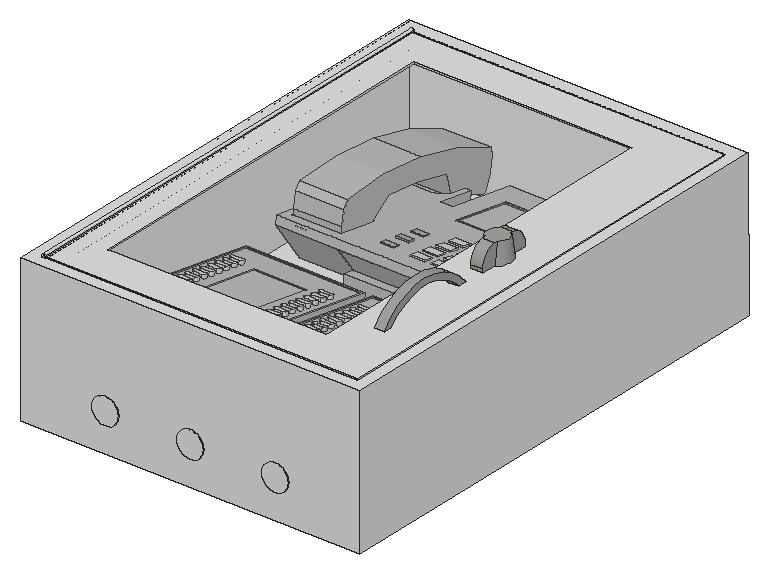
Revit family "Electronics_Communication_Talkaphone_AOR-80-Station-IP-Command-Unit", category Telephone Devices, host Face, Revit 2020
Family settings
  Host = Face
  Maintain Annotation Orientation = No
  Round Connector Dimension = Use Diameter
  Part Type = Normal
  OmniClass Number = 23.37.27.17
  OmniClass Title = Emergency Call Equipment
  Cut with Voids When Loaded = No
  Shared = No
  Room Calculation Point = No
Parameters (values of type "80-Station IP Command Unit")
  Wiring = "Minimum Cat5e. If required, fire resistive CI/CIC Ethernet cable is supported."
  Width = 14"  # constant formula
  Warranty = "5-year limited warranty"
  Voltage = 120 V  # constant formula
  Visible Door [instance] = yes
  URL = "https://www.talkaphone.com/"
  Supervision Relay = "IP Supervisor (Model AOR-IP-SUP) provides an SPST (Form 1A) output. UPS Supervisor (Model AOR-IP-UPS-SUP) provides a DPDT (Form C) output."
  Programming = "Programming and configuration through a web browser (web GUI). All programming is stored on non-volatile flash memory."
  Product data url = "https://www.bimobject.com/talkaphone/product/aor-ip-80-cu_area-of-rescue-80-station-ip-command-unit"
  Product Material = Talkaphone - Steel - White
  Product Guid = "284fec9d-690e-40ad-ac69-10fec9002c98"
  Power Source = "120VAC, 65W. IP Command Unit, IP Supervisor, and UPS Supervisor receive power from external UPS (120VAC)."
  Power Factor = 1
  Number of Poles = 1
  Mounting = "Flush mount with optional trim ring or surface mount"
  Model = "AOR-IP-80-CU"
  Manufacturer = "Talkaphone"  # constant formula
  Keynote = "27 30 00"
  Height = 20"  # constant formula
  Fault Monitoring = "IP Supervisor (Model AOR-IP-SUP) automatically and continuously monitors for network pathway integrity for the AOR IP Stations and IP Command Unit(s). UPS Supervisor (Model AOR-IP-UPS-SUP) automatically and continuously monitors the primary power source being supplied to the uninterruptible power supply (UPS) for an IP Supervisor and either an IP Command Unit or an IP Auxiliary Command Unit."
  Environment = "For indoor use"
  Edition number = 1
  Description = "THE AOR-IP SERIES IS AN IP-BASED SYSTEM ACCOMMODATING UP TO 80 ADA-COMPLIANT AREA OF RESCUE IP CALL STATIONS. THE SYSTEM OFFERS CAPABILITY FOR MULTIPLE IP COMMAND UNITS, ON-AND OFF-PREMISE COMMUNICATION, AND IP NETWORK SUPERVISION."
  Depth = 6"  # constant formula
  Default Elevation = 48"
  Construction = "18 gauge, painted steel enclosure with acrylic window"
  Connectivity = "Supports up to two (2) analog trunk (PSTN) lines or up to fifty (50) SIP trunk accounts (requires SIP service and Internet connectivity provided by others) for off-site communication"
  Connection = "RJ45 Ethernet"
  Communication = "IP Command Unit receives and selectively originates calls through built-in IP phone—providing an LCD and keys with LEDs to indicate IP Call Station line status (i.e. idle, ringing, or busy)."
  Call Station Options = "Indoor Flush Mount Model: AOR-IP-CSE-FM, Indoor Surface Mount Model: AOR-IP-CSE-SM"
  Assembly Code = "D5030300"
  Apparent Load = 0 VA
  AC Input Rating = "90 ~ 264 VAC, 50-60 Hz, 65W"
Reference planes (in)
  plane 1 "Center (Front/Back)": y = 0
  plane 2: z = 0
  plane 3 "Center (Left/Right)": x = 0
Forms (in)
  Extrusion 1, solid, material "Talkaphone - Steel - White" <- "Product Material"
    sketch origin (0, 0, 0) x (1, 0, 0) y (0, 0, 1)
      loop
        line (-6.952, 0) -> (6.952, 0) -> (6.952, 0.59572) -> (-6.952, 0.59572) -> (-6.952, 0)
    from -9.952 to 9.952
  Extrusion 2, solid, material "Talkaphone - Steel - White" <- "Product Material", detail levels medium+fine
    sketch origin (0, 1, 0) x (1, 0, 0) y (0, 0, 1)
      loop
        circle (-6.44306, 6.05393) r 0.05694
    from -8.5 to 10.5
  Sweep 3, solid, material "Talkaphone - Steel - White" <- "Product Material"
    path origin (0, 0, 0) x (1, 0, 0) y (0, 1, 0)
      loop
        line (-7, 10) -> (-7, -10) -> (7, -10) -> (7, 10) -> (-7, 10)
    profile origin (0, 10, 0) x (0, 1, 0) y (0, 0, 1)
      loop
        line (-0.5, 5.503) -> (-0.452, 5.503) -> (-0.452, 5.955) -> (-0.048, 5.955) -> (-0.048, 0) -> (0, 0) -> (0, 6.003) -> (-0.5, 6.003) -> (-0.5, 5.503)
  Extrusion 4, solid, material "Talkaphone - Steel - White" <- "Product Material"
    sketch origin (0, 0, 0) x (1, 0, 0) y (0, 1, 0)
      loop
        line (6.952, 6.825) -> (5.75, 6.825) -> (5.75, 3.875) -> (6.25523, 3.875) -> (6.25523, 3.325) -> (6.952, 3.325) -> (6.952, 6.825)
    from 1.25 to 3.75
  Extrusion 5, solid, material "Talkaphone - Steel - White" <- "Product Material"
    sketch origin (0, 0, 0) x (1, 0, 0) y (0, 0, 1)
      loop
        line (5.998, 5.421) -> (5.998, 5.373) -> (6.548, 5.373) -> (6.548, 5.503) -> (6.5, 5.503) -> (6.5, 5.421) -> (5.998, 5.421)
    from -9.495 to 9.495
  Extrusion 6, solid, material "Talkaphone - Steel - White" <- "Product Material"
    sketch origin (0, 0, 0) x (1, 0, 0) y (0, 0, 1)
      loop
        circle (-3.5, 1.578) r 0.54578
      loop
        circle (0, 1.578) r 0.54578
      loop
        circle (3.5, 1.578) r 0.54578
    from 9.952 to 10
  Extrusion 7, solid, material "Talkaphone - Steel - White" <- "Product Material"
    sketch origin (0, 0, 0) x (1, 0, 0) y (0, 1, 0)
      loop
        circle (-3.5, -6.00315) r 0.54578
      loop
        circle (0, -6.00315) r 0.54578
      loop
        circle (3.5, -6.00315) r 0.54578
    from 0 to 0.048
  Extrusion 8, solid, material "Talkaphone - Plastic - Clear plastic", visible <- "Visible Door"
    sketch origin (0, 0, 0) x (1, 0, 0) y (0, 1, 0)
      loop
        line (-5.76112, 8.8125) -> (-5.76112, -8.6875) -> (4.48888, -8.6875) -> (4.48888, 8.8125) -> (-5.76112, 8.8125)
    from 5.95598 to 5.86672
  Extrusion 9, solid, material "Talkaphone - Steel - White" <- "Product Material", visible <- "Visible Door"
    sketch origin (0, 0, 0) x (1, 0, 0) y (0, 1, 0)
      loop
        line (-6.33812, -9.3895) -> (6.41588, -9.3895) -> (6.41588, 9.3895) -> (-6.33812, 9.3895) -> (-6.33812, -9.3895)
      loop
        line (-5.13612, 7.9375) -> (-5.13612, -7.8125) -> (3.86388, -7.8125) -> (3.86388, 7.9375) -> (-5.13612, 7.9375)
    from 6.00398 to 5.95598
  Sweep 10, solid, material "Talkaphone - Steel - White" <- "Product Material", visible <- "Visible Door"
    path origin (0, 0, 0) x (1, 0, 0) y (0, 1, 0)
      loop
        line (-6.38612, 9.4375) -> (-6.38612, -9.4375) -> (6.46388, -9.4375) -> (6.46388, 9.4375) -> (-6.38612, 9.4375)
    profile origin (0.03888, 9.4375, 0) x (0, 1, 0) y (0, 0, 1)
      loop
        line (0, 5.50398) -> (0, 6.00398) -> (-0.048, 6.00398) -> (-0.048, 5.50398) -> (0, 5.50398)
  Revolve 11, solid, material "Talkaphone - Plastic - Grey_RAL 9007", visible <- "Visible Door", detail levels fine
    sketch origin (4.97748, 0.00002, 0.00204) x (0, 1, 0) y (0, 0, 1)
      loop
        line (-0.375, 6.83745) -> (-0.375, 4.94278) -> (-0.15059, 4.94278) -> (-0.15059, 5.1398) -> (-0.00098, 5.1398) -> (-0.00098, 6.00398) -> (0.16657, 6.00398) -> (0.06842, 6.83745) -> (-0.375, 6.83745)
      axis (-0.375, 4.94278) -> (-0.375, 6.83745)
    angle from 0 to 360
  Extrusion 12, solid, material "Talkaphone - Plastic - Grey_RAL 9007", visible <- "Visible Door", detail levels fine
    sketch origin (0, -2.95536, 0.00204) x (0, 1, 0) y (0, 0, 1)
      loop
        line (1.48978, 6.00398) -> (3.67097, 6.00398) -> (3.67097, 6.12912)
        arc (3.67097, 6.12912) -> (3.48481, 6.60885) -> (3.0238, 6.83745) r 0.71121
        line (3.0238, 6.83745) -> (2.13696, 6.83745)
        arc (2.13696, 6.83745) -> (1.67594, 6.60885) -> (1.48978, 6.12912) r 0.71121
        line (1.48978, 6.12912) -> (1.48978, 6.00398)
    from 4.7338 to 5.22872
  Extrusion 13, solid, material "Talkaphone - Plastic - Grey_RAL 9007", visible <- "Visible Door", detail levels fine
    sketch origin (-13.3426, -62.95536, 6.00601) x (-1, 0, 0) y (0, -1, 0)
      loop
        line (-20.10977, -62.98386) -> (-18.68983, -62.98386) -> (-18.29142, -62.95329)
        arc (-18.29142, -62.95329) -> (-17.94606, -62.58036) -> (-18.29146, -62.20746) r 0.37402
        line (-18.29146, -62.20746) -> (-18.68983, -62.17689) -> (-20.10977, -62.17689) -> (-20.10977, -62.98386)
    from -0.86417 to -0.70669
  Extrusion 14, solid, material "Talkaphone - Plastic - Grey_RAL 9007", visible <- "Visible Door", detail levels fine
    sketch origin (0, -2.95536, 0.00204) x (0, 1, 0) y (0, 0, 1)
      loop
        line (-3.50691, 6.00194) -> (-3.17594, 6.00194)
        arc (-3.17594, 6.00194) -> (-1.42923, 6.80339) -> (0.31747, 6.00194) r 2.30414
        line (0.31747, 6.00194) -> (0.64844, 6.00194)
        arc (0.64844, 6.00194) -> (-1.42923, 7.06339) -> (-3.50691, 6.00194) r 2.56414
    from 4.78629 to 5.18536
Cuts and joins
  joined: Extrusion 9, Sweep 10
  joined: Extrusion 1, Sweep 3
  joined: Revolve 11, Extrusion 12
Lines and regions (in)
  Masking region 1
    outline origin (0, 0, 0) x (1, 0, 0) y (0, 0, 1)
      loop
        line (-7, 6.003) -> (-7, 0) -> (7, 0) -> (7, 6.003) -> (-7, 6.003)
  Masking region 2, visible <- "Visible Door", detail levels medium+fine
    outline origin (0, 0, 0) x (1, 0, 0) y (0, 0, 1)
      loop
        line (4.78629, 6.003) -> (5.18536, 6.003) -> (5.18536, 7.06339) -> (4.78629, 7.06339) -> (4.78629, 6.003)
  Masking region 3, visible <- "Visible Door", detail levels medium+fine
    outline origin (0, 0, 0) x (1, 0, 0) y (0, 0, 1)
      loop
        line (4.78629, 6.83858) -> (4.53475, 6.83858) -> (4.4249, 6.003) -> (4.78629, 6.003) -> (4.78629, 6.83858)
      loop
        line (5.18536, 6.83858) -> (5.18536, 6.003) -> (5.54441, 6.003) -> (5.43456, 6.83858) -> (5.18536, 6.83858)
  model lines
    curve 1: line (-6.50154, 0, 6.05393) -> (-6.38612, 0, 6.05393)
    curve 2: line (-6.44383, 0, 5.997) -> (-6.44383, 0, 6.11087)
    curve 3: line (-6.50154, 0, 6.05393) -> (-6.38612, 0, 6.05393)
    curve 4: line (-6.44383, 0, 5.997) -> (-6.44383, 0, 6.11087)
    curve 5: line (-6.50154, 0, 6.05393) -> (-6.38612, 0, 6.05393)
    curve 6: line (-6.44383, 0, 5.997) -> (-6.44383, 0, 6.11087)
Dimensions and locks (in)
  aligned and locked: plane 2 to host face
  aligned and locked: level to host face
Nested families (in)
  nested 1: "Panel" at (2.00219, -4.73419, 0.59572), type "Panel"
    with Screen material Talkaphone - Plastic - Clear plastic, Panel box material Talkaphone - Plastic - Grey_RAL 9006, Key 2 material Talkaphone - Plastic - Grey_RAL 9007, Key 1 material Talkaphone - Plastic - Grey_RAL 7035, Frame material Talkaphone - Plastic - Grey_RAL 9006
  nested 2: "Phone" at (-0.09398, 4.63829, 0.59572), type "Phone"
    with Screen material Talkaphone - Plastic - Clear plastic, Phone material Talkaphone - Plastic - Grey_RAL 9006, Key 2 material Talkaphone - Plastic - Grey_RAL 9007, Key 1 material Talkaphone - Plastic - Grey_RAL 7035
  nested 3: "Panel" at (-3.24906, -4.73419, 0.59572), type "Panel"
    with Screen material Talkaphone - Plastic - Clear plastic, Panel box material Talkaphone - Plastic - Grey_RAL 9006, Key 2 material Talkaphone - Plastic - Grey_RAL 9007, Key 1 material Talkaphone - Plastic - Grey_RAL 7035, Frame material Talkaphone - Plastic - Grey_RAL 9006
Connectors (in)
  electrical at (0.59055, 3.33052, 0.59572)
    settings: on nested 2, index 1, voltage 0 V, apparent load 0 VA, apparent load phase1 0 VA, apparent load phase2 0 VA, apparent load phase3 0 VA, power factor 1, load classification "Other", number of poles 1, system type 14, power factor state 1, is connector primary no, connector utility no, sub classification motor no, connector description "Communication Connector"
  electrical at (0, 0, 0), driven by "Voltage", driven by "Apparent Load", driven by "Apparent Load", driven by "Apparent Load", driven by "Number of Poles", driven by "Power Factor"
    settings: on cut or joined group of Extrusion 1, Sweep 3, index 2, voltage 120 V, apparent load 0 VA, apparent load phase1 0 VA, apparent load phase2 0 VA, apparent load phase3 0 VA, power factor 1, load classification "Power", number of poles 1, system type 31, power factor state 1, is connector primary yes, connector utility no, sub classification motor no, connector description "Power Connector"
Definition of nested family "Panel"
  Parameters (values of type "Panel")
    Screen material [instance] = none
    Panel box material [instance] = none
    Key 2 material [instance] = none
    Key 1 material [instance] = none
    Frame material [instance] = none
    Default Elevation = 48"
  Reference planes (in)
    plane 1 "Center (Front/Back)": y = 0
    plane 2: z = 0
    plane 3 "Center (Left/Right)": x = 0
  Forms (in)
    Extrusion 1, solid, material <- "Panel box material", detail levels medium+fine
      sketch origin (-15.87299, 8.07746, -6.96779) x (1, 0, 0) y (0, 0.985055, -0.17224)
        loop
          line (18.33362, -4.83883) -> (13.41236, -4.83883) -> (13.41236, -13.10654) -> (18.33362, -13.10654) -> (18.33362, -4.83883)
      from 7.83742 to 8.17526
    Blend 2, solid, material <- "Panel box material", detail levels medium+fine
      base sketch origin (-15.87299, 8.07746, -6.96779) x (1, 0, 0) y (0, 0.985055, -0.17224)
        loop
          line (14.39661, -5.82308) -> (14.39661, -12.12229) -> (17.34937, -12.12229) -> (17.34937, -5.82308) -> (14.39661, -5.82308)
      top sketch origin (-15.87299, 8.07746, -6.96779) x (1, 0, 0) y (0, 0.985055, -0.17224)
        loop
          line (18.33362, -4.83883) -> (13.41236, -4.83883) -> (13.41236, -13.10654) -> (18.33362, -13.10654) -> (18.33362, -4.83883)
      from 6.85997 to 7.83742
    Extrusion 3, void
      sketch origin (-15.87299, 8.07746, -6.96779) x (1, 0, 0) y (0, 0.985055, -0.17224)
        loop
          line (13.47142, -10.73521) -> (18.27457, -10.73521) -> (18.27457, -4.90844) -> (13.47142, -4.90844) -> (13.47142, -10.73521)
      from 8.13715 to 8.26759
    Extrusion 4, solid, material <- "Key 2 material", detail levels fine
      sketch origin (-15.87299, 8.07746, -6.96779) x (1, 0, 0) y (0, 0.985055, -0.17224)
        loop
          line (15.51118, -11.5908) -> (15.21118, -11.5908)
          arc (15.21118, -11.5908) -> (15.0537, -11.74828) -> (15.21118, -11.90576) r 0.15748
          line (15.21118, -11.90576) -> (15.51118, -11.90576)
          arc (15.51118, -11.90576) -> (15.66866, -11.74828) -> (15.51118, -11.5908) r 0.15748
        loop
          line (16.2348, -11.90576) -> (16.5348, -11.90576)
          arc (16.5348, -11.90576) -> (16.69228, -11.74828) -> (16.5348, -11.5908) r 0.15748
          line (16.5348, -11.5908) -> (16.2348, -11.5908)
          arc (16.2348, -11.5908) -> (16.07732, -11.74828) -> (16.2348, -11.90576) r 0.15748
      from 8.17652 to 8.30152
    Extrusion 5, void
      sketch origin (-15.87299, 8.07746, -6.96779) x (1, 0, 0) y (0, 0.985055, -0.17224)
        loop
          line (14.79031, -6.13804) -> (14.79031, -9.91773) -> (16.95567, -9.91773) -> (16.95567, -6.13804) -> (14.79031, -6.13804)
      from 8.11672 to 8.26215
    Extrusion 6, solid, material <- "Frame material", detail levels medium+fine
      sketch origin (-15.87299, 8.07746, -6.96779) x (1, 0, 0) y (0, 0.985055, -0.17224)
        loop
          line (14.74799, -11.40454) -> (16.99799, -11.40454) -> (16.99799, -8.40454) -> (14.74799, -8.40454) -> (14.74799, -11.40454)
        loop
          line (18.37299, -13.07654) -> (18.37299, -10.32654) -> (17.49799, -10.32654) -> (17.49799, -10.15559) -> (17.44999, -10.15559) -> (17.44999, -5.65454) -> (14.29599, -5.65454) -> (14.29599, -10.15559) -> (14.24799, -10.15559) -> (14.24799, -10.32654) -> (13.37299, -10.32654) -> (13.37299, -13.07654) -> (18.37299, -13.07654)
      from 6.80962 to 6.85762
    Extrusion 7, solid, material <- "Frame material", detail levels medium+fine
      sketch origin (-15.87299, 8.07746, -6.96779) x (0, 0.985055, -0.17224) y (0, 0.17224, 0.985055)
        loop
          line (-13.15454, 8.30962) -> (-13.15454, 6.80962) -> (-13.10654, 6.80962) -> (-13.10654, 8.26162) -> (-12.27954, 8.26162) -> (-12.27954, 8.30962) -> (-13.15454, 8.30962)
      from 14.24799 to 17.49799
    Extrusion 8, void
      sketch origin (-15.87299, 8.07746, -6.96779) x (1, 0, 0) y (0, 0.985055, -0.17224)
        loop
          line (14.20562, -12.91373) -> (14.88988, -12.22946) -> (16.8561, -12.22946) -> (17.55207, -12.92543) -> (17.55207, -12.13803) -> (14.20562, -12.13803) -> (14.20562, -12.91373)
      from 8.22357 to 8.34912
    Extrusion 9, solid, material <- "Frame material", detail levels medium+fine
      sketch origin (15.87299, 8.07746, -6.96779) x (-1, 0, 0) y (0, -0.17224, -0.985055)
        loop
          line (18.42099, -8.05962) -> (18.42099, -6.80962) -> (18.37299, -6.80962) -> (18.37299, -8.05962) -> (18.42099, -8.05962)
      from 13.07654 to 10.32654
    Extrusion 10, solid, material <- "Key 1 material", detail levels fine
      sketch origin (-15.87299, 8.07896, -6.96826) x (1, 0, 0) y (0, 0.985049, -0.172273)
        loop
          line (14.21728, -5.97898) -> (13.86728, -5.97898)
          arc (13.86728, -5.97898) -> (13.76728, -6.07898) -> (13.86728, -6.17898) r 0.1
          line (13.86728, -6.17898) -> (14.21728, -6.17898)
          arc (14.21728, -6.17898) -> (14.31728, -6.07898) -> (14.21728, -5.97898) r 0.1
        loop
          line (14.21728, -6.37269) -> (13.86728, -6.37269)
          arc (13.86728, -6.37269) -> (13.76728, -6.47269) -> (13.86728, -6.57269) r 0.1
          line (13.86728, -6.57269) -> (14.21728, -6.57269)
          arc (14.21728, -6.57269) -> (14.31728, -6.47269) -> (14.21728, -6.37269) r 0.1
        loop
          line (14.21728, -6.76639) -> (13.86728, -6.76639)
          arc (13.86728, -6.76639) -> (13.76728, -6.86639) -> (13.86728, -6.96639) r 0.1
          line (13.86728, -6.96639) -> (14.21728, -6.96639)
          arc (14.21728, -6.96639) -> (14.31728, -6.86639) -> (14.21728, -6.76639) r 0.1
        loop
          line (14.21728, -7.16009) -> (13.86728, -7.16009)
          arc (13.86728, -7.16009) -> (13.76728, -7.26009) -> (13.86728, -7.36009) r 0.1
          line (13.86728, -7.36009) -> (14.21728, -7.36009)
          arc (14.21728, -7.36009) -> (14.31728, -7.26009) -> (14.21728, -7.16009) r 0.1
        loop
          line (14.21728, -7.55379) -> (13.86728, -7.55379)
          arc (13.86728, -7.55379) -> (13.76728, -7.65379) -> (13.86728, -7.75379) r 0.1
          line (13.86728, -7.75379) -> (14.21728, -7.75379)
          arc (14.21728, -7.75379) -> (14.31728, -7.65379) -> (14.21728, -7.55379) r 0.1
        loop
          line (14.21728, -7.94749) -> (13.86728, -7.94749)
          arc (13.86728, -7.94749) -> (13.76728, -8.04749) -> (13.86728, -8.14749) r 0.1
          line (13.86728, -8.14749) -> (14.21728, -8.14749)
          arc (14.21728, -8.14749) -> (14.31728, -8.04749) -> (14.21728, -7.94749) r 0.1
        loop
          line (14.21728, -8.34119) -> (13.86728, -8.34119)
          arc (13.86728, -8.34119) -> (13.76728, -8.44119) -> (13.86728, -8.54119) r 0.1
          line (13.86728, -8.54119) -> (14.21728, -8.54119)
          arc (14.21728, -8.54119) -> (14.31728, -8.44119) -> (14.21728, -8.34119) r 0.1
        loop
          line (14.21728, -8.73489) -> (13.86728, -8.73489)
          arc (13.86728, -8.73489) -> (13.76728, -8.83489) -> (13.86728, -8.93489) r 0.1
          line (13.86728, -8.93489) -> (14.21728, -8.93489)
          arc (14.21728, -8.93489) -> (14.31728, -8.83489) -> (14.21728, -8.73489) r 0.1
        loop
          line (14.21728, -9.12859) -> (13.86728, -9.12859)
          arc (13.86728, -9.12859) -> (13.76728, -9.22859) -> (13.86728, -9.32859) r 0.1
          line (13.86728, -9.32859) -> (14.21728, -9.32859)
          arc (14.21728, -9.32859) -> (14.31728, -9.22859) -> (14.21728, -9.12859) r 0.1
        loop
          line (14.21728, -9.52229) -> (13.86728, -9.52229)
          arc (13.86728, -9.52229) -> (13.76728, -9.62229) -> (13.86728, -9.72229) r 0.1
          line (13.86728, -9.72229) -> (14.21728, -9.72229)
          arc (14.21728, -9.72229) -> (14.31728, -9.62229) -> (14.21728, -9.52229) r 0.1
        loop
          line (17.86999, -5.97898) -> (17.51999, -5.97898)
          arc (17.51999, -5.97898) -> (17.41999, -6.07898) -> (17.51999, -6.17898) r 0.1
          line (17.51999, -6.17898) -> (17.86999, -6.17898)
          arc (17.86999, -6.17898) -> (17.96999, -6.07898) -> (17.86999, -5.97898) r 0.1
        loop
          line (17.86999, -6.37269) -> (17.51999, -6.37269)
          arc (17.51999, -6.37269) -> (17.41999, -6.47269) -> (17.51999, -6.57269) r 0.1
          line (17.51999, -6.57269) -> (17.86999, -6.57269)
          arc (17.86999, -6.57269) -> (17.96999, -6.47269) -> (17.86999, -6.37269) r 0.1
        loop
          line (17.86999, -6.76639) -> (17.51999, -6.76639)
          arc (17.51999, -6.76639) -> (17.41999, -6.86639) -> (17.51999, -6.96639) r 0.1
          line (17.51999, -6.96639) -> (17.86999, -6.96639)
          arc (17.86999, -6.96639) -> (17.96999, -6.86639) -> (17.86999, -6.76639) r 0.1
        loop
          line (17.86999, -7.16009) -> (17.51999, -7.16009)
          arc (17.51999, -7.16009) -> (17.41999, -7.26009) -> (17.51999, -7.36009) r 0.1
          line (17.51999, -7.36009) -> (17.86999, -7.36009)
          arc (17.86999, -7.36009) -> (17.96999, -7.26009) -> (17.86999, -7.16009) r 0.1
        loop
          line (17.86999, -7.55379) -> (17.51999, -7.55379)
          arc (17.51999, -7.55379) -> (17.41999, -7.65379) -> (17.51999, -7.75379) r 0.1
          line (17.51999, -7.75379) -> (17.86999, -7.75379)
          arc (17.86999, -7.75379) -> (17.96999, -7.65379) -> (17.86999, -7.55379) r 0.1
        loop
          line (17.86999, -7.94749) -> (17.51999, -7.94749)
          arc (17.51999, -7.94749) -> (17.41999, -8.04749) -> (17.51999, -8.14749) r 0.1
          line (17.51999, -8.14749) -> (17.86999, -8.14749)
          arc (17.86999, -8.14749) -> (17.96999, -8.04749) -> (17.86999, -7.94749) r 0.1
        loop
          line (17.86999, -8.34119) -> (17.51999, -8.34119)
          arc (17.51999, -8.34119) -> (17.41999, -8.44119) -> (17.51999, -8.54119) r 0.1
          line (17.51999, -8.54119) -> (17.86999, -8.54119)
          arc (17.86999, -8.54119) -> (17.96999, -8.44119) -> (17.86999, -8.34119) r 0.1
        loop
          line (17.86999, -8.73489) -> (17.51999, -8.73489)
          arc (17.51999, -8.73489) -> (17.41999, -8.83489) -> (17.51999, -8.93489) r 0.1
          line (17.51999, -8.93489) -> (17.86999, -8.93489)
          arc (17.86999, -8.93489) -> (17.96999, -8.83489) -> (17.86999, -8.73489) r 0.1
        loop
          line (17.86999, -9.12859) -> (17.51999, -9.12859)
          arc (17.51999, -9.12859) -> (17.41999, -9.22859) -> (17.51999, -9.32859) r 0.1
          line (17.51999, -9.32859) -> (17.86999, -9.32859)
          arc (17.86999, -9.32859) -> (17.96999, -9.22859) -> (17.86999, -9.12859) r 0.1
        loop
          line (17.86999, -9.52229) -> (17.51999, -9.52229)
          arc (17.51999, -9.52229) -> (17.41999, -9.62229) -> (17.51999, -9.72229) r 0.1
          line (17.51999, -9.72229) -> (17.86999, -9.72229)
          arc (17.86999, -9.72229) -> (17.96999, -9.62229) -> (17.86999, -9.52229) r 0.1
      from 8.13715 to 8.26215
    Extrusion 11, solid, material <- "Frame material", detail levels medium+fine
      sketch origin (0, 0, 0) x (1, 0, 0) y (0, 0, 1)
        loop
          line (1.577, 0.048) -> (1.577, 0) -> (2.452, 0) -> (2.452, 0.048) -> (1.577, 0.048)
      from -3.56386 to 1.00547
    Extrusion 12, solid, material <- "Frame material", detail levels medium+fine
      sketch origin (0, 0, 0) x (-1, 0, 0) y (0, 0, -1)
        loop
          line (1.577, -0.048) -> (2.452, -0.048) -> (2.452, 0) -> (1.577, 0) -> (1.577, -0.048)
      from -3.56386 to 1.00547
    Extrusion 13, solid, material <- "Frame material", detail levels medium+fine
      sketch origin (-15.87299, 8.07746, -6.96779) x (1, 0, 0) y (0, 0.17224, 0.985055)
        loop
          line (18.42099, 8.05962) -> (18.37299, 8.05962) -> (18.37299, 6.80962) -> (18.42099, 6.80962) -> (18.42099, 8.05962)
      from 13.07654 to 10.32654
    Extrusion 14, solid, material <- "Frame material", detail levels medium+fine
      sketch origin (0, 0, 0) x (0, 1, 0) y (0, 0, 1)
        loop
          line (-1.00547, 0.048) -> (3.56386, 0.048) -> (3.68858, 0.76128) -> (-0.74519, 1.53654) -> (-1.00547, 0.048)
      from 1.577 to 1.625
    Extrusion 15, solid, material <- "Frame material", detail levels medium+fine
      sketch origin (0, 0, 0) x (0, 1, 0) y (0, 0, -1)
        loop
          line (-1.00547, -0.048) -> (-0.74519, -1.53654) -> (3.68858, -0.76128) -> (3.56386, -0.048) -> (-1.00547, -0.048)
      from 1.577 to 1.625
  Cuts and joins
    Extrusion 3, Extrusion 5 cuts Extrusion 1
    Extrusion 8 cuts Extrusion 7
    joined: Extrusion 6, Extrusion 9, Extrusion 11, Extrusion 12, Extrusion 13, Extrusion 14, Extrusion 15
  Dimensions and locks (in)
    aligned and locked: level to plane 2
Definition of nested family "Phone"
  Parameters (values of type "Phone")
    Screen material [instance] = none
    Phone material [instance] = none
    Key 2 material [instance] = none
    Key 1 material [instance] = none
    Default Elevation = 48"
  Reference planes (in)
    plane 1 "Center (Front/Back)": y = 0
    plane 2: z = 0
    plane 3 "Center (Left/Right)": x = 0
  Forms (in)
    Extrusion 1, solid, material <- "Phone material", detail levels medium+fine
      sketch origin (-13.77953, -1.31127, -6.97425) x (1, 0, 0) y (0, 0.984795, -0.173718)
        loop
          line (18.05118, 3.79819) -> (12.06693, 3.79819) -> (12.06693, 0.84543) -> (11.55512, 0.84543) -> (11.55512, 2.42024) -> (11.29606, 2.42024) -> (11.29606, 1.73913)
          arc (11.29606, 1.73913) -> (11.14962, 1.38558) -> (10.79606, 1.23913) r 0.5
          line (10.79606, 1.23913) -> (9.79606, 1.23913)
          arc (9.79606, 1.23913) -> (9.44251, 1.38558) -> (9.29606, 1.73913) r 0.5
          line (9.29606, 1.73913) -> (9.29606, 2.42199) -> (8.99606, 2.42199) -> (8.99606, -4.46953) -> (18.56299, -4.46953) -> (18.56299, 0.84543) -> (18.05118, 0.84543) -> (18.05118, 3.79819)
        loop
          line (9.29606, -2.30417) -> (9.29606, -4.07583) -> (11.29606, -4.07583) -> (11.29606, -2.30417) -> (9.29606, -2.30417)
      from 9.08241 to 9.4559
    Blend 2, solid, material <- "Phone material", detail levels medium+fine
      base sketch origin (-13.77953, -1.31127, -6.97425) x (1, 0, 0) y (0, 0.984795, -0.173718)
        loop
          line (13.01693, 2.84819) -> (13.01693, 0.84543) -> (17.10118, 0.84543) -> (17.10118, 2.84819) -> (13.01693, 2.84819)
      top sketch origin (-13.77953, -1.31127, -6.97425) x (1, 0, 0) y (0, 0.984795, -0.173718)
        loop
          line (18.05118, 3.79819) -> (12.06693, 3.79819) -> (12.06693, 0.84543) -> (18.05118, 0.84543) -> (18.05118, 3.79819)
      from 8.13395 to 9.08241
    Blend 3, solid, material <- "Phone material", detail levels medium+fine
      base sketch origin (-13.77953, -1.31127, -6.97425) x (1, 0, 0) y (0, 0.984795, -0.173718)
        loop
          line (17.61299, -3.52071) -> (17.61299, 0.84543) -> (11.55512, 0.84543) -> (11.55512, -3.52071) -> (17.61299, -3.52071)
      top sketch origin (-13.77953, -1.31127, -6.97425) x (1, 0, 0) y (0, 0.984795, -0.173718)
        loop
          line (18.56299, 0.84543) -> (11.55512, 0.84543) -> (11.55512, -4.46953) -> (18.56299, -4.46953) -> (18.56299, 0.84543)
      from 8.13395 to 9.08241
    Blend 4, solid, material <- "Phone material", detail levels medium+fine
      base sketch origin (-13.77953, -1.31127, -6.97425) x (1, 0, 0) y (0, 0.984795, -0.173718)
        loop
          line (8.99606, 0.92024) -> (8.99606, -2.96953) -> (11.55512, -2.96953) -> (11.55512, 0.92024) -> (8.99606, 0.92024)
      top sketch origin (-13.77953, -1.31127, -6.97425) x (1, 0, 0) y (0, 0.984795, -0.173718)
        loop
          line (8.99606, -4.46953) -> (11.55512, -4.46953) -> (11.55512, 2.42199) -> (8.99606, 2.42199) -> (8.99606, -4.46953)
      from 7.57698 to 9.08241
    Extrusion 5, solid, material <- "Key 1 material", detail levels fine
      sketch origin (-13.77953, -1.31127, -6.97425) x (1, 0, 0) y (0, 0.984795, -0.173718)
        loop
          line (14.48819, -1.31992) -> (13.89764, -1.31992) -> (13.89764, -1.71362) -> (14.48819, -1.71362) -> (14.48819, -1.31992)
        loop
          line (14.48819, -1.98921) -> (13.89764, -1.98921) -> (13.89764, -2.38291) -> (14.48819, -2.38291) -> (14.48819, -1.98921)
        loop
          line (14.48819, -2.6585) -> (13.89764, -2.6585) -> (13.89764, -3.0522) -> (14.48819, -3.0522) -> (14.48819, -2.6585)
        loop
          line (14.48819, -3.32779) -> (13.89764, -3.32779) -> (13.89764, -3.7215) -> (14.48819, -3.7215) -> (14.48819, -3.32779)
        loop
          line (14.76378, -3.7215) -> (15.35433, -3.7215) -> (15.35433, -3.32779) -> (14.76378, -3.32779) -> (14.76378, -3.7215)
        loop
          line (14.76378, -3.0522) -> (15.35433, -3.0522) -> (15.35433, -2.6585) -> (14.76378, -2.6585) -> (14.76378, -3.0522)
        loop
          line (14.76378, -2.38291) -> (15.35433, -2.38291) -> (15.35433, -1.98921) -> (14.76378, -1.98921) -> (14.76378, -2.38291)
        loop
          line (14.76378, -1.71362) -> (15.35433, -1.71362) -> (15.35433, -1.31992) -> (14.76378, -1.31992) -> (14.76378, -1.71362)
        loop
          line (16.22047, -1.31992) -> (15.62992, -1.31992) -> (15.62992, -1.71362) -> (16.22047, -1.71362) -> (16.22047, -1.31992)
        loop
          line (16.22047, -1.98921) -> (15.62992, -1.98921) -> (15.62992, -2.38291) -> (16.22047, -2.38291) -> (16.22047, -1.98921)
        loop
          line (16.22047, -2.6585) -> (15.62992, -2.6585) -> (15.62992, -3.0522) -> (16.22047, -3.0522) -> (16.22047, -2.6585)
        loop
          line (16.22047, -3.32779) -> (15.62992, -3.32779) -> (15.62992, -3.7215) -> (16.22047, -3.7215) -> (16.22047, -3.32779)
      from 9.4559 to 9.50114
    Extrusion 6, solid, material <- "Key 2 material", detail levels fine
      sketch origin (-13.77953, -1.31127, -6.97425) x (1, 0, 0) y (0, 0.984795, -0.173718)
        loop
          line (13.13976, -1.77268) -> (12.60827, -1.77268) -> (12.60827, -2.04827) -> (13.13976, -2.04827) -> (13.13976, -1.77268)
        loop
          line (13.13976, -2.56008) -> (12.60827, -2.56008) -> (12.60827, -2.83567) -> (13.13976, -2.83567) -> (13.13976, -2.56008)
        loop
          line (13.13976, -3.34748) -> (12.60827, -3.34748) -> (12.60827, -3.62307) -> (13.13976, -3.62307) -> (13.13976, -3.34748)
        loop
          line (17.47047, -1.77268) -> (16.93898, -1.77268) -> (16.93898, -2.04827) -> (17.47047, -2.04827) -> (17.47047, -1.77268)
        loop
          line (17.47047, -2.56008) -> (16.93898, -2.56008) -> (16.93898, -2.83567) -> (17.47047, -2.83567) -> (17.47047, -2.56008)
        loop
          line (17.47047, -3.34748) -> (16.93898, -3.34748) -> (16.93898, -3.62307) -> (17.47047, -3.62307) -> (17.47047, -3.34748)
      from 9.4559 to 9.50114
    Extrusion 7, void
      sketch origin (-13.77953, -1.31127, -6.97425) x (1, 0, 0) y (0, 0.984795, -0.173718)
        loop
          line (12.87368, 2.55903) -> (12.87368, -0.05003) -> (17.25439, -0.05003) -> (17.25439, 2.55903) -> (12.87368, 2.55903)
      from 9.40403 to 9.50114
    Extrusion 8, solid, material <- "Phone material", detail levels medium+fine
      sketch origin (-13.77953, -1.31127, -6.97425) x (0, 0.984795, -0.173718) y (0, 0.173718, 0.984795)
        loop
          arc (-0.13288, 11.17075) -> (-2.02473, 11.01801) -> (-3.87117, 10.57866) r 12.41369
          line (-3.87117, 10.57866) -> (-4.01795, 10.26389) -> (-4.01795, 9.6551) -> (-3.91038, 9.10171)
          arc (-3.91038, 9.10171) -> (-3.84693, 9.00856) -> (-3.73575, 8.99006) r 0.14338
          line (-3.73575, 8.99006) -> (-2.51867, 9.28666) -> (-1.66022, 10.20723)
          arc (-1.66022, 10.20723) -> (-0.8981, 10.28019) -> (-0.13288, 10.3046) r 12.05152
          arc (-0.13288, 10.3046) -> (0.62972, 10.28035) -> (1.38926, 10.20789) r 12.05152
          line (1.38926, 10.20789) -> (1.84111, 9.28148) -> (3.45846, 8.98081)
          arc (3.45846, 8.98081) -> (3.57719, 9.00175) -> (3.64461, 9.10171) r 0.15429
          line (3.64461, 9.10171) -> (3.75218, 9.6551) -> (3.75218, 10.26389) -> (3.60541, 10.57866)
          arc (3.60541, 10.57866) -> (1.75896, 11.01801) -> (-0.13288, 11.17075) r 12.41369
      from 9.32106 to 11.27106
    Extrusion 9, solid, material <- "Screen material", detail levels medium+fine
      sketch origin (-13.77953, -1.31052, -6.9657) x (1, 0, 0) y (0, 0.984795, -0.173718)
        loop
          line (12.89868, 2.53403) -> (12.89868, -0.02503) -> (17.22939, -0.02503) -> (17.22939, 2.53403) -> (12.89868, 2.53403)
      from 9.40403 to 9.4559
    Extrusion 10, solid, material <- "Phone material", detail levels medium+fine
      sketch origin (0, 0, 0) x (0, 1, 0) y (0, 0, 1)
        loop
          line (-3.85038, 1.73315) -> (-3.85038, 0) -> (1.23485, 0) -> (1.23485, 0.83612) -> (-3.85038, 1.73315)
      from -2.22441 to 3.59346
  Cuts and joins
    Extrusion 7 cuts Extrusion 1
  Dimensions and locks (in)
    aligned and locked: level to plane 2
